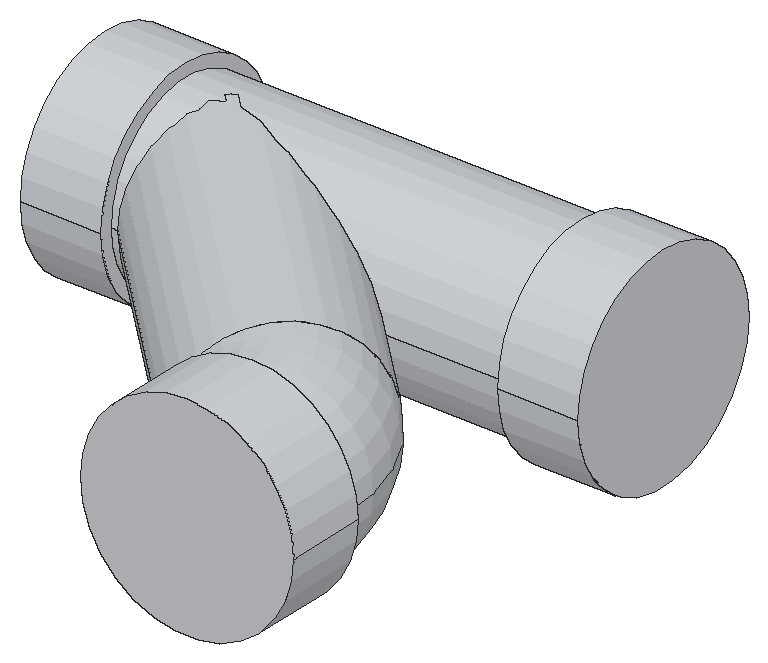
Revit family "M_Combinação em Y com a oitava dobra - PVC - Sch 40 - DWV", category Conexões de tubo, Revit 2019
Family settings
  Cota do conector redondo = Usar raio
  Tipo de parte = Tê
  Número OmniClass = 23.60.30.11.14
  Título OmniClass = Pipework Fittings
  ID de item do Seek = Wye Combination with 8th Bend - PVC - Sch 40 - DWV-0000-CAN-ENU
  Com base no plano de trabalho = Não
  Sempre na vertical = Sim
  Corte com vazios quando carregada = Não
  Compartilhado = Não
Parameters (values of type "Padrão")
  Espessura da parede 2 [instance] = size_lookup(Nome da tabela de pesquisa, "WThk", 0.02 * Diâmetro nominal 2 + 3.274 mm, Diâmetro nominal 2)  # 5.563 mm
  Espessura da parede 1 [instance] = size_lookup(Nome da tabela de pesquisa, "WThk", 0.02 * Diâmetro nominal 1 + 3.274 mm, Diâmetro nominal 1)  # 5.563 mm
  Tamanho da marca de cota 2 [instance] = Diâmetro externo da conexão 2 * 0.4  # 35.56 mm
  Tamanho da marca de cota 1 [instance] = Diâmetro externo da conexão 1 * 0.4  # 35.56 mm
  Raio externo do soquete 2 [instance] = Diâmetro externo do soquete 2 / 2  # 50.267 mm
  Raio externo do soquete 1 [instance] = Diâmetro externo do soquete 1 / 2  # 50.267 mm
  Diâmetro externo do soquete 2 [instance] = Diâmetro da entrada do soquete 2 + Espessura da parede 2 * 2  # 100.533 mm
  Diâmetro externo do soquete 1 [instance] = Diâmetro da entrada do soquete 1 + Espessura da parede 1 * 2  # 100.533 mm
  Diâmetro da entrada do soquete 2 [instance] = size_lookup(Nome da tabela de pesquisa, "SED", 1.04 * Diâmetro nominal 2 + 9.426 mm, Diâmetro nominal 2)  # 89.408 mm
  Diâmetro da entrada do soquete 1 [instance] = size_lookup(Nome da tabela de pesquisa, "SED", 1.04 * Diâmetro nominal 1 + 9.426 mm, Diâmetro nominal 1)  # 89.408 mm
  Profundidade do soquete 2 [instance] = size_lookup(Nome da tabela de pesquisa, "SDpt", 0.5 * Diâmetro nominal 2, Diâmetro nominal 2)  # 38.1 mm
  Profundidade do soquete 1 [instance] = size_lookup(Nome da tabela de pesquisa, "SDpt", 0.5 * Diâmetro nominal 1, Diâmetro nominal 1)  # 38.1 mm
  Execução do inferior do soquete até o inferior do soquete [instance] = size_lookup(Nome da tabela de pesquisa, "SBtSBR", 88.9 mm + 0.56 * Diâmetro nominal 1 + 0.68 * Diâmetro nominal 2, Diâmetro nominal 1, Diâmetro nominal 2)  # 187.731 mm
  Raio nominal 2 [instance] = 40 mm
  Raio nominal 1 [instance] = 40 mm
  Diâmetro nominal 2 [instance] = Raio nominal 2 * 2  # 80 mm
  Diâmetro nominal 1 [instance] = Raio nominal 1 * 2  # 80 mm
  Método de perda = Não definido
  Nome da tabela de pesquisa = "M_Wye Combination with 8th Bend - PVC - Sch 40 - DWV"
  Comprimento 1 [instance] = 4572 mm  # constant formula
  Ponto de inserção 2 X [instance] = Centro para ramificação inferior do soquete * tan(90.00° - Ângulo 2) + Comprimento 1  # 4572 mm
  Ponto de inserção 1 X [instance] = Centro para ramificação inferior do soquete * tan(90.00° - Ângulo) + Comprimento 1  # 4572 mm
  Raio externo da conexão 2 [instance] = Diâmetro externo da conexão 2 / 2  # 44.45 mm
  Raio externo da conexão 1 [instance] = Diâmetro externo da conexão 1 / 2  # 44.45 mm
  Diâmetro externo da conexão 2 [instance] = size_lookup(Nome da tabela de pesquisa, "FOD", 1.04 * Diâmetro nominal 2 + 9.128 mm, Diâmetro nominal 2)  # 88.9 mm
  Diâmetro externo da conexão 1 [instance] = size_lookup(Nome da tabela de pesquisa, "FOD", 1.04 * Diâmetro nominal 1 + 9.128 mm, Diâmetro nominal 1)  # 88.9 mm
  Execução do centro até o soquete inferior [instance] = size_lookup(Nome da tabela de pesquisa, "CtSBR", 37.7 mm + 0.82 * Diâmetro nominal 1 + 0.76 * Diâmetro nominal 2, Diâmetro nominal 1, Diâmetro nominal 2)  # 158.75 mm
  Centro para ramificação inferior do soquete [instance] = size_lookup(Nome da tabela de pesquisa, "CtSBB", 40 mm + 1.02 * Diâmetro nominal 1 + 0.56 * Diâmetro nominal 2, Diâmetro nominal 1, Diâmetro nominal 2)  # 159.537 mm
  Raio do centro [instance] = Raio externo do soquete 2 + 3.175 mm  # 53.442 mm
  Ponto central 2 Y [instance] = if(Ângulo 2 < 90.00°, Comprimento 1 - Raio do centro * sin(abs(90.00° - Ângulo 2)), if(Ângulo 2 = 90.00°, Comprimento 1, Comprimento 1 + Raio do centro * sin(abs(90.00° - Ângulo 2))))  # 4572 mm
  Ponto central 2 X [instance] = Raio do centro * cos(abs(90.00° - Ângulo 2))  # 53.442 mm
  Ponto central 1 Y [instance] = if(Ângulo < 90.00°, Comprimento 1 - Raio do centro * sin(abs(90.00° - Ângulo)), if(Ângulo = 90.00°, Comprimento 1, Comprimento 1 + Raio do centro * sin(abs(90.00° - Ângulo))))  # 4572 mm
  Ponto central 1 X [instance] = Raio do centro * cos(abs(90.00° - Ângulo))  # 53.442 mm
  Ponto final do soquete ramificado 2 Y [instance] = Profundidade do soquete 2 * sin(Ângulo 2)  # 38.1 mm
  Ponto final do soquete ramificado 2 X [instance] = Comprimento 1 - Profundidade do soquete 2 * cos(Ângulo 2)  # 4572 mm
  Legenda do comprimento da ramificação 2 [instance] = if(Comprimento da ramificação 2 > 0 mm, Comprimento da ramificação 2, Raio externo do soquete 1 * 0.5)  # 172.178 mm
  Comprimento da ramificação 2 [instance] = (Centro para ramificação inferior do soquete - Ponto final do arco 2 Y) / sin(45.00°)  # 172.178 mm
  Legenda do comprimento da ramificação 1 [instance] = if(Comprimento da ramificação 1 > 0 mm, Comprimento da ramificação 1, Raio externo do soquete 1 * 0.5)  # 172.178 mm
  Ponto final do soquete ramificado 1 Y [instance] = Profundidade do soquete 2 * sin(Ângulo)  # 38.1 mm
  Ponto final do soquete ramificado 1 X [instance] = Comprimento 1 - Profundidade do soquete 2 * cos(Ângulo)  # 4572 mm
  Comprimento da ramificação 1 [instance] = (Centro para ramificação inferior do soquete - Ponto final do arco 1 Y) / sin(45.00°)  # 172.178 mm
  Ponto final do arco 2 Y [instance] = Raio do centro * sin(45.00°) - Raio do centro * sin(90.00° - Ângulo 2)  # 37.789 mm
  Ponto final do arco 2 X [instance] = Raio do centro * cos(90.00° - Ângulo 2) - Raio do centro * cos(45.00°)  # 15.653 mm
  Ponto final do arco 1 Y [instance] = Raio do centro * sin(45.00°) - Raio do centro * sin(90.00° - Ângulo)  # 37.789 mm
  Ponto final do arco 1 X [instance] = Raio do centro * cos(90.00° - Ângulo) - Raio do centro * cos(45.00°)  # 15.653 mm
  Ângulo 2 1 [instance] = if(Ângulo 2 < 90.00°, 90.00° / 2 - (90.00° - Ângulo 2), 90.00° / 2 + (Ângulo 2 - 90.00°))  # 45.00°
  Ângulo 1 1 [instance] = if(Ângulo < 90.00°, 90.00° / 2 - (90.00° - Ângulo), 90.00° / 2 + (Ângulo - 90.00°))  # 45.00°
  Ângulo 2 [instance] = Ângulo  # 90.00°
  Ângulo [instance] = 90.00°
Reference planes
  plane 1 "Centro (Frente/Trás)": y = 0
  plane 2: z = 0
  plane 3 "Centro (Esquerda/Direita)": x = 0
  plane 4: y = -159.537
  plane 5: x = -158.75
  plane 6: x = 28.981
  plane 7: x = -196.85
  plane 8: x = 67.081
  plane 9: x = 0
  plane 10: y = -4731.537
  plane 11: x = -53.442
  plane 12: y = -159.537
  plane 13: y = -121.748
  plane 14: x = -15.653
  plane 15: x = 0
  plane 16: x = 4572
  plane 17: y = -197.637
  plane 18: x = 0
  plane 19: y = 35.56
  plane 20: y = -35.56
  plane 21: y = 159.537
  plane 22: y = 159.537
  plane 23: y = 4731.537
  plane 24: x = -53.442
  plane 25: y = 121.748
  plane 26: x = -15.653
  plane 27: y = 197.637
  plane 28: x = 0
  plane 29: x = 0
  plane 30: x = 0
Forms (mm)
  Sweep 1, solid, detail levels fine
    path in 3D
      loop
        line (-158.75, 0, 0) -> (28.981, 0, 0)
    profile origin (-64.884, 0, 0) x (0, 1, 0) y (0, 0, 1)
      loop
        circle (0, 0) r 44.45
  Sweep 2, solid, detail levels fine
    path in 3D
      loop
        arc (0, -159.537, 0) -> (-4.068, -139.086, 0) -> (-15.653, -121.748, 0) r 53.442
        line (-15.653, -121.748, 0) -> (-137.401, 0, 0)
    profile origin (-76.527, -60.874, 0) x (-0.707107, -0.707107, 0) y (0, 0, 1)
      loop
        circle (0, 0) r 44.45
  Sweep 3, solid, detail levels fine
    path in 3D
      loop
        line (-196.85, 0, 0) -> (-158.75, 0, 0)
    profile origin (-177.8, 0, 0) x (0, 1, 0) y (0, 0, 1)
      loop
        circle (0, 0) r 50.267
  Sweep 4, solid, detail levels fine
    path in 3D
      loop
        line (28.981, 0, 0) -> (67.081, 0, 0)
    profile origin (48.031, 0, 0) x (0, 1, 0) y (0, 0, 1)
      loop
        circle (0, 0) r 50.267
  Sweep 5, solid, detail levels fine
    path in 3D
      loop
        line (0, -159.537, 0) -> (0, -197.637, 0)
    profile origin (0, -178.587, 0) x (1, 0, 0) y (0, 0, 1)
      loop
        circle (0, 0) r 50.267
Cuts and joins
  joined: Sweep 1, Sweep 3, Sweep 4, Sweep 5
Lines and regions (mm)
  model lines, detail levels coarse+medium
    curve 1: line (-158.75, 0, 0) -> (28.981, 0, 0)
    curve 2: line (-196.85, 0, 0) -> (-158.75, 0, 0)
    curve 3: line (28.981, 0, 0) -> (67.081, 0, 0)
    curve 4: arc (0, -159.537, 0) -> (-4.068, -139.086, 0) -> (-15.653, -121.748, 0) r 53.442
    curve 5: line (-15.653, -121.748, 0) -> (-137.401, 0, 0)
    curve 6: line (0, -159.537, 0) -> (0, -197.637, 0)
    curve 16: line (-196.85, 35.56, 0) -> (-196.85, -35.56, 0)
    curve 17: line (67.081, 35.56, 0) -> (67.081, -35.56, 0)
    curve 18: line (0, -197.637, 0) -> (35.56, -197.637, 0)
    curve 19: line (0, -197.637, 0) -> (-35.56, -197.637, 0)
  sketch lines
    curve 7: line (-158.75, 0, 0) -> (28.981, 0, 0)
    curve 8: line (-15.653, -121.748, 0) -> (-137.401, 0, 0)
    curve 9: arc (0, -159.537, 0) -> (-4.068, -139.086, 0) -> (-15.653, -121.748, 0) r 53.442
    curve 10: line (-196.85, 0, 0) -> (-158.75, 0, 0)
    curve 11: line (28.981, 0, 0) -> (67.081, 0, 0)
    curve 12: line (0, -159.537, 0) -> (0, -197.637, 0)
  reference lines
    curve 13: line (-196.85, 0, 0) -> (-158.75, 0, 0)
    curve 14: line (28.981, 0, 0) -> (67.081, 0, 0)
    curve 15: line (0, -197.637, 0) -> (0, -180.188, 0)
    curve 20: line (0, 197.637, 0) -> (0, 180.188, 0)
Dimensions and locks
  "Centro para ramificação inferior do soquete": plane 1 "Centro (Frente/Trás)" to plane 4
  "Execução do inferior do soquete até o inferior do soquete": plane 5 to plane 6
  "Profundidade do soquete 1": plane 7 to plane 5
  "Profundidade do soquete 1": plane 6 to plane 8
  "Execução do centro até o soquete inferior": plane 5 to plane 9
  "Comprimento 1": plane 4 to plane 10
  "Ponto central 1 X": plane 11 to plane 9
  "Ponto central 1 Y": plane 12 to plane 10
  "Ponto final do arco 1 X": plane 14 to plane 9
  "Ponto final do arco 1 Y": plane 13 to plane 4
  "Legenda do comprimento da ramificação 1": curve 5 to curve 5
  "Profundidade do soquete 2": curve 6 to curve 6
  "Comprimento 1": plane 9 to plane 16
  "Ponto de inserção 1 X": plane 15 to plane 16
  "Ponto final do soquete ramificado 1 Y": plane 4 to plane 17
  "Ponto final do soquete ramificado 1 X": plane 18 to plane 16
  "Tamanho da marca de cota 1": plane 1 "Centro (Frente/Trás)" to plane 19
  "Tamanho da marca de cota 1": plane 1 "Centro (Frente/Trás)" to plane 20
  "Tamanho da marca de cota 2": curve 18 to curve 18
  "Tamanho da marca de cota 2": curve 19 to curve 19
  "Centro para ramificação inferior do soquete": plane 1 "Centro (Frente/Trás)" to plane 21
  "Comprimento 1": plane 21 to plane 23
  "Ponto central 2 Y": plane 22 to plane 23
  "Ponto central 2 X": plane 24 to plane 9
  "Ponto final do arco 2 Y": plane 25 to plane 21
  "Ponto final do arco 2 X": plane 26 to plane 9
  "Ponto final do soquete ramificado 2 Y": plane 21 to plane 27
  "Ponto final do soquete ramificado 2 X": plane 28 to plane 16
  "Ponto de inserção 2 X": plane 29 to plane 16
  equal spacing: plane 15, plane 30, plane 29
  locked: plane 30 to plane 3 "Centro (Esquerda/Direita)" at 0
  "Raio do centro": radius of curve 4
  "Raio externo da conexão 1": radius of Sweep 1 sketch curve
  "Raio externo da conexão 2": radius of Sweep 2 sketch curve
  "Raio externo do soquete 1": radius of Sweep 3 sketch curve
  "Raio externo do soquete 1": radius of Sweep 4 sketch curve
  "Raio externo do soquete 2": radius of Sweep 5 sketch curve
  "Ângulo 1 1": angle curve 4 to curve 4
  locked: curve 5 to plane 1 "Centro (Frente/Trás)" (angle 45.00°)
  "Ângulo": angle curve 6 to plane 4
  "Ângulo": angle curve 15 to plane 1 "Centro (Frente/Trás)"
  locked: curve 18 to curve 15 (angle 90.00°)
  locked: curve 15 to curve 19 (angle 90.00°)
  "Ângulo 2": angle plane 1 "Centro (Frente/Trás)" to curve 20
  aligned and locked: plane 7 to curve 2
  aligned and locked: plane 1 "Centro (Frente/Trás)" to curve 2
  aligned and locked: plane 5 to curve 1
  aligned and locked: plane 6 to curve 1
  aligned and locked: plane 1 "Centro (Frente/Trás)" to curve 1
  aligned and locked: plane 8 to curve 3
  aligned and locked: plane 1 "Centro (Frente/Trás)" to curve 3
  aligned and locked: plane 11 to curve 4
  aligned and locked: plane 8 to curve 14
  aligned and locked: plane 1 "Centro (Frente/Trás)" to curve 14
  aligned and locked: plane 7 to curve 13
  aligned and locked: plane 1 "Centro (Frente/Trás)" to curve 13
  aligned and locked: Sweep 5 to curve 15
  aligned and locked: plane 18 to curve 15
  aligned and locked: plane 19 to curve 16
  aligned and locked: plane 20 to curve 16
  aligned and locked: plane 19 to curve 17
  aligned and locked: plane 20 to curve 17
  aligned and locked: curve 16 to plane 7
  aligned and locked: curve 17 to plane 8
  aligned and locked: plane 27 to curve 20
  aligned and locked: plane 28 to curve 20
  aligned and locked: plane 12 to curve 4
Automatic sketch dimensions
  curve 13 to plane 5 = 0 mm
  curve 14 to plane 6 = 0 mm
  curve 15 to plane 17 = 0 mm
  Sweep 1 sketch curve to profile plane = 0 mm  (x2)
  Sweep 2 sketch curve to profile plane = 0 mm
  profile plane to Sweep 2 sketch curve = 0 mm
  Sweep 3 sketch curve to profile plane = 0 mm  (x2)
  Sweep 4 sketch curve to profile plane = 0 mm  (x2)
  profile plane to Sweep 5 sketch curve = 0 mm
  Sweep 5 sketch curve to profile plane = 0 mm
Connectors
  piping at (-196.85, 0, 0), diameter 80, driven by "Raio nominal 1"
    settings: on cut or joined group of Sweep 1, Sweep 3, Sweep 4, Sweep 5, index 1, connector inside diameter 40 mm, connector length 0 mm, flow factor 0, pipe flow 0.0 L/s, pressure drop 0.0 Pa, fitting loss kfactor 0, connector angle 0.00°, fixture units 0, engagement length 0 mm, angle of deflection 0.00°, flow configuration 0, flow direction 0, fitting loss method 0, system type 28, joint type 0, gender type 0, connector reference index 2, connector utility 0, adjustable connector no, is connector primary yes, connector description ""
  piping at (67.081, 0, 0), diameter 80, driven by "Raio nominal 1"
    settings: on cut or joined group of Sweep 1, Sweep 3, Sweep 4, Sweep 5, index 2, connector inside diameter 40 mm, connector length 0 mm, flow factor 0, pipe flow 0.0 L/s, pressure drop 0.0 Pa, fitting loss kfactor 0, connector angle 0.00°, fixture units 0, engagement length 0 mm, angle of deflection 0.00°, flow configuration 0, flow direction 0, fitting loss method 0, system type 28, joint type 0, gender type 0, connector reference index 1, connector utility 0, adjustable connector no, is connector primary no, connector description ""
  piping at (0, -197.637, 0), diameter 80, driven by "Raio nominal 2", driven by "Ângulo"
    settings: on cut or joined group of Sweep 1, Sweep 3, Sweep 4, Sweep 5, index 3, connector inside diameter 40 mm, connector length 0 mm, flow factor 0, pipe flow 0.0 L/s, pressure drop 0.0 Pa, fitting loss kfactor 0, connector angle 90.00°, fixture units 0, engagement length 0 mm, angle of deflection 0.00°, flow configuration 0, flow direction 0, fitting loss method 0, system type 28, joint type 0, gender type 0, connector reference index -1, connector utility 0, adjustable connector no, is connector primary no, connector description ""
